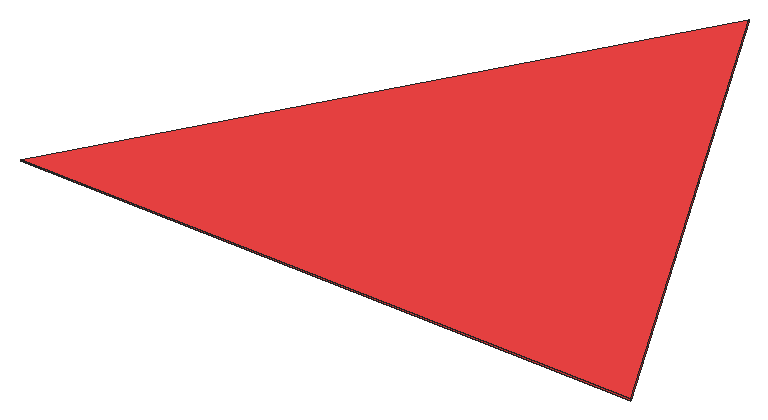
Revit family "Operable_Awning_Main Shared.content", category Generic Models, Revit 2021
Family settings
  Can host rebar = No
  Round Connector Dimension = Use Diameter
  Part Type = Normal
  Work Plane-Based = Yes
  Always vertical = Yes
  Cut with Voids When Loaded = No
  Shared = Yes
  Room Calculation Point = No
Parameters (values of type "SD")
  window_open projection_act [instance] = open projection_calc  # 300 mm
  window_W [instance] = 1000 mm
  window_Sill H [instance] = 1500 mm
  window_H [instance] = 1880 mm
  open_angle_max [instance] = 30.00°  # constant formula
  open_angle_calc [instance] = atan(open projection_max / window_H)  # 9.0665°
  open projection_max [instance] = 300 mm  # constant formula
  open projection_calc [instance] = if(open_angle_calc < open_angle_max, open projection_max, window_H * tan(open_angle_max))  # 300 mm
  notes = "this is a shared family for all plot 9"
  Operable Area [instance] = (window_H + window_W) * open projection_calc  # 9.30002 SF
  Facade Type [instance] = "Sample Facade Type"
  Default Elevation = 1219.2 mm
Reference planes
  plane 1 "Center (Front/Back)": y = 0
  plane 2: z = 0
  plane 3 "Center (Left/Right)": x = 0
  plane 4 "operable rp": z = 1500
  plane 5: y = 1000
  plane 6: z = 3380
Forms (mm)
  Extrusion 1, solid, not visible
    sketch origin (349.558, -482.168, 0) x (1, 0, 0) y (0, 1, 0)
      loop
        line (-392.058, 524.668) -> (-392.058, 439.668) -> (-307.058, 439.668) -> (-307.058, 524.668) -> (-392.058, 524.668)
    from 0 to 4500
Dimensions and locks
  plane 1 "Center (Front/Back)" to plane 5 = 1000 mm
  "window_Sill H": plane 2 to plane 4 "operable rp"
  "window_H": plane 4 "operable rp" to plane 6
  aligned and locked: plane 2 to level
  aligned and locked: plane 5 to nested 1
  aligned and locked: nested 1 to plane 3 "Center (Left/Right)"
  aligned and locked: plane 5 to nested 2
  aligned and locked: nested 2 to plane 3 "Center (Left/Right)"
  aligned and locked: nested 4 to plane 6
  aligned and locked: nested 4 to plane 3 "Center (Left/Right)"
  aligned and locked: nested 3 to plane 3 "Center (Left/Right)"
  aligned and locked: nested 3 to plane 1 "Center (Front/Back)"
Automatic sketch dimensions
  Extrusion 1 sketch curve to plane 3 "Center (Left/Right)" = 42.5 mm
  plane 3 "Center (Left/Right)" to Extrusion 1 sketch curve = 42.5 mm
  plane 1 "Center (Front/Back)" to Extrusion 1 sketch curve = 42.5 mm
  Extrusion 1 sketch curve to plane 1 "Center (Front/Back)" = 42.5 mm
Nested families
  nested 1: "OPERABLE_SHAPE COARSE_H" at (0, 1448.601, 0), type "DD", detail levels coarse+medium
  nested 2: "OPERABLE_SHAPE FINE_H" at (0, 1180.133, 0), type "DD", detail levels fine
  nested 3: "Opening Graphic_H" at (0, 0, 0) x (-1, 0, 0) z (0, 0, 1), w <- "window_W", h <- "window_open projection_act", type "Opening Graphic"
    with w 1000 mm, h 300 mm
  nested 4: "Opening Graphic_V" at (0, 0, 3380) x (1, 0, 0) z (0, -1, 0), h <- "window_H", w <- "window_W", type "Opening Graphic"
    with w 1000 mm, h 1880 mm
Definition of nested family "OPERABLE_SHAPE COARSE_H"
  Parameters (values of type "DD")
    Default Elevation = 1219.2 mm
  Reference planes
    plane 1 "Center (Front/Back)": y = 0
    plane 2: z = 0
    plane 3 "Center (Left/Right)": x = 0
  Forms (mm)
    Extrusion 1, solid
      sketch origin (0, 520, 0) x (1, 0, 0) y (0, 1, 0)
        loop
          line (519.615, -71.399) -> (-519.615, -71.399) -> (0, -971.399) -> (519.615, -71.399)
      from -1 to 0
  Dimensions and locks
    aligned and locked: plane 2 to level
Definition of nested family "OPERABLE_SHAPE FINE_H"
  Parameters (values of type "DD")
    Default Elevation = 1219.2 mm
  Reference planes
    plane 1 "Center (Front/Back)": y = 0
    plane 2: z = 0
    plane 3 "Center (Left/Right)": x = 0
  Forms (mm)
    Extrusion 1, solid
      sketch origin (0, 0, 0) x (1, 0, 0) y (0, 1, 0)
        loop
          line (0, -179.867) -> (207.846, 180.133) -> (-207.846, 180.133) -> (0, -179.867)
      from -1 to 0
  Dimensions and locks
    aligned and locked: plane 2 to level
Definition of nested family "Opening Graphic_H"
  Parameters (values of type "Opening Graphic")
    w [instance] = 1920 mm
    h [instance] = 1040 mm
    Default Elevation = 1219.2 mm
  Reference planes
    plane 1 "Center (Front/Back)": y = 0
    plane 2: z = 0
    plane 3 "Center (Left/Right)": x = 0
    plane 4: x = -960
    plane 5: x = 960
    plane 6: y = -1040
  Lines and regions (mm)
    model lines
      curve 1: line (0, 0, 0) -> (-960, -1040, 0)
      curve 2: line (0, 0, 0) -> (960, -1040, 0)
      curve 3: line (-960, 0, 0) -> (960, 0, 0)
      curve 4: line (960, 0, 0) -> (960, -1040, 0)
      curve 5: line (-960, -1040, 0) -> (-960, 0, 0)
      curve 6: line (-960, -1040, 0) -> (960, -1040, 0)
  Dimensions and locks
    equal spacing: plane 4, plane 3 "Center (Left/Right)", plane 5
    "w": plane 4 to plane 5
    "h": plane 6 to plane 1 "Center (Front/Back)"
    aligned and locked: plane 2 to level
  Automatic sketch dimensions
    curve 1 to plane 4 = 0 mm
    plane 1 "Center (Front/Back)" to curve 1 = 0 mm
    curve 1 to plane 3 "Center (Left/Right)" = 0 mm
    curve 6 to plane 5 = 0 mm
    curve 2 to plane 6 = 0 mm
Definition of nested family "Opening Graphic_V"
  Parameters (values of type "Opening Graphic")
    w [instance] = 1920 mm
    h [instance] = 1040 mm
    Default Elevation = 1219.2 mm
  Reference planes
    plane 1 "Center (Front/Back)": y = 0
    plane 2: z = 0
    plane 3 "Center (Left/Right)": x = 0
    plane 4: x = -960
    plane 5: x = 960
    plane 6: y = -1040
  Lines and regions (mm)
    model lines
      curve 1: line (0, 0, 0) -> (-960, -1040, 0)
      curve 2: line (0, 0, 0) -> (960, -1040, 0)
      curve 3: line (-960, 0, 0) -> (960, 0, 0)
      curve 4: line (960, 0, 0) -> (960, -1040, 0)
      curve 5: line (-960, -1040, 0) -> (-960, 0, 0)
      curve 6: line (-960, -1040, 0) -> (960, -1040, 0)
  Dimensions and locks
    equal spacing: plane 4, plane 3 "Center (Left/Right)", plane 5
    "w": plane 4 to plane 5
    "h": plane 6 to plane 1 "Center (Front/Back)"
    aligned and locked: plane 2 to level
  Automatic sketch dimensions
    curve 1 to plane 4 = 0 mm
    plane 1 "Center (Front/Back)" to curve 1 = 0 mm
    curve 1 to plane 3 "Center (Left/Right)" = 0 mm
    curve 6 to plane 5 = 0 mm
    curve 2 to plane 6 = 0 mm
